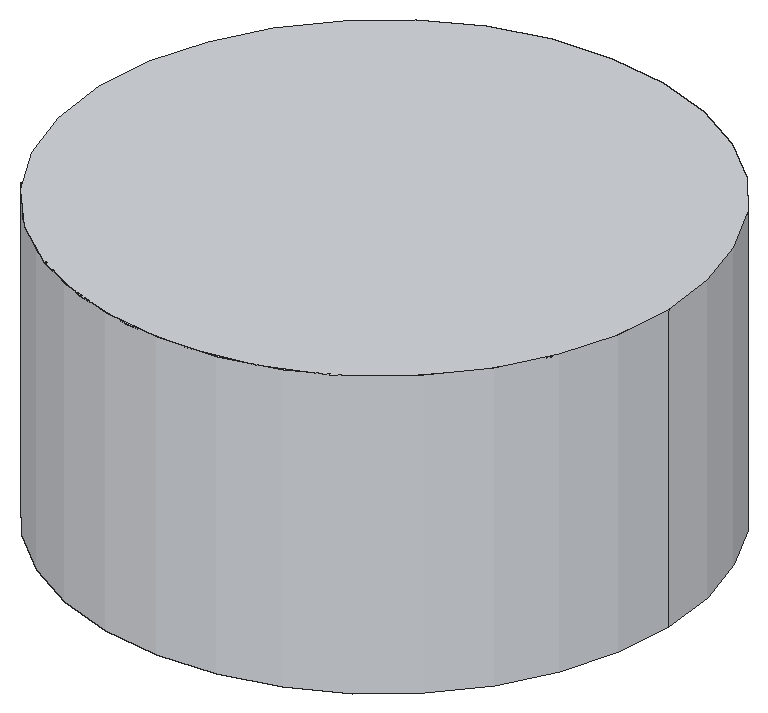
Revit family "07865020", category Specialty Equipment, Revit 2023
Family settings
  Round Connector Dimension = Use Diameter
  Part Type = Normal
  OmniClass Number = 23.40.40.14
  OmniClass Title = Food Service Equipment
  Work Plane-Based = No
  Enable Cutting in Views = Yes
  Always vertical = Yes
  Cut with Voids When Loaded = No
  Maintain Annotation Orientation = No
  Shared = No
  Room Calculation Point = No
Parameters (values of type "Standard")
  URL = "https://www.rustfriebergh.no/produkter/drop-in-kj-lebr-nner-vannbad-varmeplater-serveringsdisker/kj-leplate-kbk-60-drop-in-2"
  Model = "07865020"
  Manufacturer = "Rustfrie Bergh AS"
  Description = "07865020"
  Default Elevation = 0 mm
Reference planes
  plane 1 "Center (Front/Back)": y = 0
  plane 2: z = 0
  plane 3 "Center (Left/Right)": x = 0
Forms (mm)
  Extrusion 1, solid
    sketch origin (181.608, -165.268, 365.585) x (1, 0, 0) y (0, 1, 0)
      loop
        circle (0, 0) r 3.048
    from 0 to -3.048
Dimensions and locks
  aligned and locked: level to plane 2
Connectors
  electrical at (181.608, -165.268, 365.585)
    settings: on Extrusion 1, index 1, voltage 230 V, apparent load 255 VA, apparent load phase1 0 VA, apparent load phase2 0 VA, apparent load phase3 0 VA, power factor 0, load classification "Other", number of poles 1, system type 30, power factor state 1, is connector primary yes, connector utility no, sub classification motor no, connector description "230V 50 Hz"
